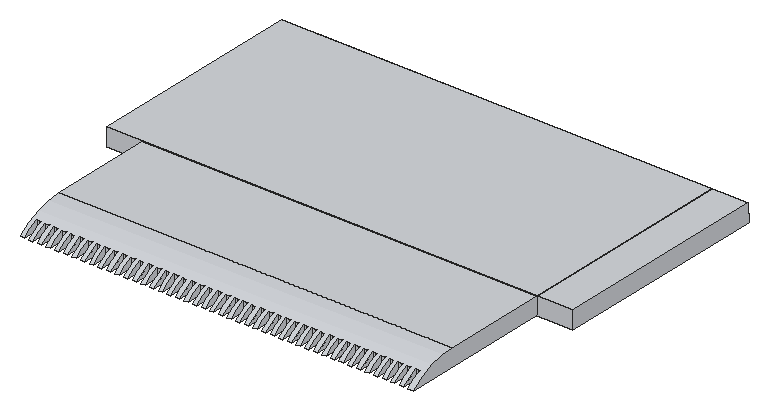
Revit family "Landing Plate", category Generic Models, Revit 2024
Family settings
  Can host rebar = No
  Round Connector Dimension = Use Diameter
  Part Type = Normal
  Work Plane-Based = No
  Always vertical = Yes
  Cut with Voids When Loaded = No
  Maintain Annotation Orientation = No
  Shared = No
  Room Calculation Point = No
Parameters
  Radius of Curvature = 519.477 mm
  Newel Width Right = Newel Width Left  # 250 mm
  Newel Width Left = 250 mm
  Material = "Stainless Steel"
  Landing Plate Width = 2700 mm
  Landing Plate Upper Length = 2220 mm
  Landing Plate Thickness = 120 mm
  Landing Depth = 2552.076 mm
  Extension beyond newel = 1500 mm
  Default Elevation = 0 mm
  Curved Length = Landing Depth - Landing Plate Upper Length  # 332.076 mm
  Comb Teeth Depth = 100 mm
  Comb Angle = asin(Curved Length / Radius of Curvature)  # 39.736°
Reference planes
  plane 1 "Center (Front/Back)": y = 0
  plane 2: z = 0
  plane 3 "Center (Left/Right)": x = 0
  plane 4: y = 2552.076
  plane 5: y = 332.076
  plane 6: x = 2700
  plane 7: through (4267.2, 0, 0) normal (0, -0.6293, 0.7771)
  plane 8: y = 100
  plane 9: y = 1052.076
  plane 10: x = -250
  plane 11: x = 2950
Forms (mm)
  Extrusion 1, solid
    sketch origin (0, 0, 0) x (0, 1, 0) y (0, 0, 1)
      loop
        line (0, 0) -> (2552.076, 0) -> (2552.076, 120) -> (332.076, 120)
        arc (332.076, 120) -> (155.53, 89.08) -> (0, 0) r 519.477
    from 0 to 2700
  Extrusion 2, void
    sketch origin (0, 0, 0) x (1, 0, 0) y (0, 0, 1)
      loop
        line (30, 120) -> (30, 0) -> (60, 0) -> (60, 120) -> (30, 120)
    from -100 to 0
  Extrusion 3, void
    sketch origin (2600, 0, 0) x (1, 0, 0) y (0, 0, 1)
      loop
        line (30, 120) -> (30, 0) -> (60, 0) -> (60, 120) -> (30, 120)
    from -100 to 0
  Extrusion 4, void
    sketch origin (59.091, 0, 0) x (1, 0, 0) y (0, 0, 1)
      loop
        line (30, 120) -> (30, 0) -> (60, 0) -> (60, 120) -> (30, 120)
    from -100 to 0
  Extrusion 5, void
    sketch origin (118.182, 0, 0) x (1, 0, 0) y (0, 0, 1)
      loop
        line (30, 120) -> (30, 0) -> (60, 0) -> (60, 120) -> (30, 120)
    from -100 to 0
  Extrusion 6, void
    sketch origin (177.273, 0, 0) x (1, 0, 0) y (0, 0, 1)
      loop
        line (30, 120) -> (30, 0) -> (60, 0) -> (60, 120) -> (30, 120)
    from -100 to 0
  Extrusion 7, void
    sketch origin (236.364, 0, 0) x (1, 0, 0) y (0, 0, 1)
      loop
        line (30, 120) -> (30, 0) -> (60, 0) -> (60, 120) -> (30, 120)
    from -100 to 0
  Extrusion 8, void
    sketch origin (295.455, 0, 0) x (1, 0, 0) y (0, 0, 1)
      loop
        line (30, 120) -> (30, 0) -> (60, 0) -> (60, 120) -> (30, 120)
    from -100 to 0
  Extrusion 9, void
    sketch origin (354.545, 0, 0) x (1, 0, 0) y (0, 0, 1)
      loop
        line (30, 120) -> (30, 0) -> (60, 0) -> (60, 120) -> (30, 120)
    from -100 to 0
  Extrusion 10, void
    sketch origin (413.636, 0, 0) x (1, 0, 0) y (0, 0, 1)
      loop
        line (30, 120) -> (30, 0) -> (60, 0) -> (60, 120) -> (30, 120)
    from -100 to 0
  Extrusion 11, void
    sketch origin (472.727, 0, 0) x (1, 0, 0) y (0, 0, 1)
      loop
        line (30, 120) -> (30, 0) -> (60, 0) -> (60, 120) -> (30, 120)
    from -100 to 0
  Extrusion 12, void
    sketch origin (531.818, 0, 0) x (1, 0, 0) y (0, 0, 1)
      loop
        line (30, 120) -> (30, 0) -> (60, 0) -> (60, 120) -> (30, 120)
    from -100 to 0
  Extrusion 13, void
    sketch origin (590.909, 0, 0) x (1, 0, 0) y (0, 0, 1)
      loop
        line (30, 120) -> (30, 0) -> (60, 0) -> (60, 120) -> (30, 120)
    from -100 to 0
  Extrusion 14, void
    sketch origin (650, 0, 0) x (1, 0, 0) y (0, 0, 1)
      loop
        line (30, 120) -> (30, 0) -> (60, 0) -> (60, 120) -> (30, 120)
    from -100 to 0
  Extrusion 15, void
    sketch origin (709.091, 0, 0) x (1, 0, 0) y (0, 0, 1)
      loop
        line (30, 120) -> (30, 0) -> (60, 0) -> (60, 120) -> (30, 120)
    from -100 to 0
  Extrusion 16, void
    sketch origin (768.182, 0, 0) x (1, 0, 0) y (0, 0, 1)
      loop
        line (30, 120) -> (30, 0) -> (60, 0) -> (60, 120) -> (30, 120)
    from -100 to 0
  Extrusion 17, void
    sketch origin (827.273, 0, 0) x (1, 0, 0) y (0, 0, 1)
      loop
        line (30, 120) -> (30, 0) -> (60, 0) -> (60, 120) -> (30, 120)
    from -100 to 0
  Extrusion 18, void
    sketch origin (886.364, 0, 0) x (1, 0, 0) y (0, 0, 1)
      loop
        line (30, 120) -> (30, 0) -> (60, 0) -> (60, 120) -> (30, 120)
    from -100 to 0
  Extrusion 19, void
    sketch origin (945.455, 0, 0) x (1, 0, 0) y (0, 0, 1)
      loop
        line (30, 120) -> (30, 0) -> (60, 0) -> (60, 120) -> (30, 120)
    from -100 to 0
  Extrusion 20, void
    sketch origin (1004.545, 0, 0) x (1, 0, 0) y (0, 0, 1)
      loop
        line (30, 120) -> (30, 0) -> (60, 0) -> (60, 120) -> (30, 120)
    from -100 to 0
  Extrusion 21, void
    sketch origin (1063.636, 0, 0) x (1, 0, 0) y (0, 0, 1)
      loop
        line (30, 120) -> (30, 0) -> (60, 0) -> (60, 120) -> (30, 120)
    from -100 to 0
  Extrusion 22, void
    sketch origin (1122.727, 0, 0) x (1, 0, 0) y (0, 0, 1)
      loop
        line (30, 120) -> (30, 0) -> (60, 0) -> (60, 120) -> (30, 120)
    from -100 to 0
  Extrusion 23, void
    sketch origin (1181.818, 0, 0) x (1, 0, 0) y (0, 0, 1)
      loop
        line (30, 120) -> (30, 0) -> (60, 0) -> (60, 120) -> (30, 120)
    from -100 to 0
  Extrusion 24, void
    sketch origin (1240.909, 0, 0) x (1, 0, 0) y (0, 0, 1)
      loop
        line (30, 120) -> (30, 0) -> (60, 0) -> (60, 120) -> (30, 120)
    from -100 to 0
  Extrusion 25, void
    sketch origin (1300, 0, 0) x (1, 0, 0) y (0, 0, 1)
      loop
        line (30, 120) -> (30, 0) -> (60, 0) -> (60, 120) -> (30, 120)
    from -100 to 0
  Extrusion 26, void
    sketch origin (1359.091, 0, 0) x (1, 0, 0) y (0, 0, 1)
      loop
        line (30, 120) -> (30, 0) -> (60, 0) -> (60, 120) -> (30, 120)
    from -100 to 0
  Extrusion 27, void
    sketch origin (1418.182, 0, 0) x (1, 0, 0) y (0, 0, 1)
      loop
        line (30, 120) -> (30, 0) -> (60, 0) -> (60, 120) -> (30, 120)
    from -100 to 0
  Extrusion 28, void
    sketch origin (1477.273, 0, 0) x (1, 0, 0) y (0, 0, 1)
      loop
        line (30, 120) -> (30, 0) -> (60, 0) -> (60, 120) -> (30, 120)
    from -100 to 0
  Extrusion 29, void
    sketch origin (1536.364, 0, 0) x (1, 0, 0) y (0, 0, 1)
      loop
        line (30, 120) -> (30, 0) -> (60, 0) -> (60, 120) -> (30, 120)
    from -100 to 0
  Extrusion 30, void
    sketch origin (1595.455, 0, 0) x (1, 0, 0) y (0, 0, 1)
      loop
        line (30, 120) -> (30, 0) -> (60, 0) -> (60, 120) -> (30, 120)
    from -100 to 0
  Extrusion 31, void
    sketch origin (1654.545, 0, 0) x (1, 0, 0) y (0, 0, 1)
      loop
        line (30, 120) -> (30, 0) -> (60, 0) -> (60, 120) -> (30, 120)
    from -100 to 0
  Extrusion 32, void
    sketch origin (1713.636, 0, 0) x (1, 0, 0) y (0, 0, 1)
      loop
        line (30, 120) -> (30, 0) -> (60, 0) -> (60, 120) -> (30, 120)
    from -100 to 0
  Extrusion 33, void
    sketch origin (1772.727, 0, 0) x (1, 0, 0) y (0, 0, 1)
      loop
        line (30, 120) -> (30, 0) -> (60, 0) -> (60, 120) -> (30, 120)
    from -100 to 0
  Extrusion 34, void
    sketch origin (1831.818, 0, 0) x (1, 0, 0) y (0, 0, 1)
      loop
        line (30, 120) -> (30, 0) -> (60, 0) -> (60, 120) -> (30, 120)
    from -100 to 0
  Extrusion 35, void
    sketch origin (1890.909, 0, 0) x (1, 0, 0) y (0, 0, 1)
      loop
        line (30, 120) -> (30, 0) -> (60, 0) -> (60, 120) -> (30, 120)
    from -100 to 0
  Extrusion 36, void
    sketch origin (1950, 0, 0) x (1, 0, 0) y (0, 0, 1)
      loop
        line (30, 120) -> (30, 0) -> (60, 0) -> (60, 120) -> (30, 120)
    from -100 to 0
  Extrusion 37, void
    sketch origin (2009.091, 0, 0) x (1, 0, 0) y (0, 0, 1)
      loop
        line (30, 120) -> (30, 0) -> (60, 0) -> (60, 120) -> (30, 120)
    from -100 to 0
  Extrusion 38, void
    sketch origin (2068.182, 0, 0) x (1, 0, 0) y (0, 0, 1)
      loop
        line (30, 120) -> (30, 0) -> (60, 0) -> (60, 120) -> (30, 120)
    from -100 to 0
  Extrusion 39, void
    sketch origin (2127.273, 0, 0) x (1, 0, 0) y (0, 0, 1)
      loop
        line (30, 120) -> (30, 0) -> (60, 0) -> (60, 120) -> (30, 120)
    from -100 to 0
  Extrusion 40, void
    sketch origin (2186.364, 0, 0) x (1, 0, 0) y (0, 0, 1)
      loop
        line (30, 120) -> (30, 0) -> (60, 0) -> (60, 120) -> (30, 120)
    from -100 to 0
  Extrusion 41, void
    sketch origin (2245.455, 0, 0) x (1, 0, 0) y (0, 0, 1)
      loop
        line (30, 120) -> (30, 0) -> (60, 0) -> (60, 120) -> (30, 120)
    from -100 to 0
  Extrusion 42, void
    sketch origin (2304.545, 0, 0) x (1, 0, 0) y (0, 0, 1)
      loop
        line (30, 120) -> (30, 0) -> (60, 0) -> (60, 120) -> (30, 120)
    from -100 to 0
  Extrusion 43, void
    sketch origin (2363.636, 0, 0) x (1, 0, 0) y (0, 0, 1)
      loop
        line (30, 120) -> (30, 0) -> (60, 0) -> (60, 120) -> (30, 120)
    from -100 to 0
  Extrusion 44, void
    sketch origin (2422.727, 0, 0) x (1, 0, 0) y (0, 0, 1)
      loop
        line (30, 120) -> (30, 0) -> (60, 0) -> (60, 120) -> (30, 120)
    from -100 to 0
  Extrusion 45, void
    sketch origin (2481.818, 0, 0) x (1, 0, 0) y (0, 0, 1)
      loop
        line (30, 120) -> (30, 0) -> (60, 0) -> (60, 120) -> (30, 120)
    from -100 to 0
  Extrusion 46, void
    sketch origin (2540.909, 0, 0) x (1, 0, 0) y (0, 0, 1)
      loop
        line (30, 120) -> (30, 0) -> (60, 0) -> (60, 120) -> (30, 120)
    from -100 to 0
  Extrusion 47, solid
    sketch origin (0, 0, 0) x (0, 1, 0) y (0, 0, 1)
      loop
        line (2552.076, 120) -> (1052.076, 120) -> (1052.076, 0) -> (2552.076, 0) -> (2552.076, 120)
    from 2950 to -250
Cuts and joins
  Extrusion 2, Extrusion 3, Extrusion 4, Extrusion 5, Extrusion 6, Extrusion 7, Extrusion 8, Extrusion 9, Extrusion 10, Extrusion 11, Extrusion 12, Extrusion 13, Extrusion 14, Extrusion 15, Extrusion 16, Extrusion 17, Extrusion 18, Extrusion 19, Extrusion 20, Extrusion 21, Extrusion 22, Extrusion 23, Extrusion 24, Extrusion 25, Extrusion 26, Extrusion 27, Extrusion 28, Extrusion 29, Extrusion 30, Extrusion 31, Extrusion 32, Extrusion 33, Extrusion 34, Extrusion 35, Extrusion 36, Extrusion 37, Extrusion 38, Extrusion 39, Extrusion 40, Extrusion 41, Extrusion 42, Extrusion 43, Extrusion 44, Extrusion 45, Extrusion 46 cuts Extrusion 1
Dimensions and locks
  "Landing Depth": Extrusion 1 sketch curve to Extrusion 1 sketch curve
  "Landing Plate Thickness": Extrusion 1 sketch curve to Extrusion 1 sketch curve
  "Landing Plate Width": plane 6 to plane 3 "Center (Left/Right)"
  "Landing Plate Upper Length": plane 5 to plane 4
  "Curved Length": plane 1 "Center (Front/Back)" to plane 5
  "Comb Teeth Depth": plane 1 "Center (Front/Back)" to plane 8
  Extrusion 2 sketch curve to Extrusion 2 sketch curve = 30 mm
  Extrusion 2 to Extrusion 2 = 30 mm
  Extrusion 3 sketch curve to Extrusion 3 sketch curve = 30 mm
  equal spacing: group 1, group 3, group 4, group 5, group 6, group 7, group 8, group 9, group 10, group 11, group 12, group 13, group 14, group 15, group 16, group 17, group 18, group 19, group 20, group 21, group 22, group 23, group 24, group 25, group 26, group 27, group 28, group 29, group 30, group 31, group 32, group 33, group 34, group 35, group 36, group 37, group 38, group 39, group 40, group 41, group 42, group 43, group 44, group 45, group 2  (x3)
  Extrusion 4 sketch curve to Extrusion 4 sketch curve = 30 mm
  Extrusion 5 sketch curve to Extrusion 5 sketch curve = 30 mm
  Extrusion 6 sketch curve to Extrusion 6 sketch curve = 30 mm
  Extrusion 7 sketch curve to Extrusion 7 sketch curve = 30 mm
  Extrusion 8 sketch curve to Extrusion 8 sketch curve = 30 mm
  Extrusion 9 sketch curve to Extrusion 9 sketch curve = 30 mm
  Extrusion 10 sketch curve to Extrusion 10 sketch curve = 30 mm
  Extrusion 11 sketch curve to Extrusion 11 sketch curve = 30 mm
  Extrusion 12 sketch curve to Extrusion 12 sketch curve = 30 mm
  Extrusion 13 sketch curve to Extrusion 13 sketch curve = 30 mm
  Extrusion 14 sketch curve to Extrusion 14 sketch curve = 30 mm
  Extrusion 15 sketch curve to Extrusion 15 sketch curve = 30 mm
  Extrusion 16 sketch curve to Extrusion 16 sketch curve = 30 mm
  Extrusion 17 sketch curve to Extrusion 17 sketch curve = 30 mm
  Extrusion 18 sketch curve to Extrusion 18 sketch curve = 30 mm
  Extrusion 19 sketch curve to Extrusion 19 sketch curve = 30 mm
  Extrusion 20 sketch curve to Extrusion 20 sketch curve = 30 mm
  Extrusion 21 sketch curve to Extrusion 21 sketch curve = 30 mm
  Extrusion 22 sketch curve to Extrusion 22 sketch curve = 30 mm
  Extrusion 23 sketch curve to Extrusion 23 sketch curve = 30 mm
  Extrusion 24 sketch curve to Extrusion 24 sketch curve = 30 mm
  Extrusion 25 sketch curve to Extrusion 25 sketch curve = 30 mm
  Extrusion 26 sketch curve to Extrusion 26 sketch curve = 30 mm
  Extrusion 27 sketch curve to Extrusion 27 sketch curve = 30 mm
  Extrusion 28 sketch curve to Extrusion 28 sketch curve = 30 mm
  Extrusion 29 sketch curve to Extrusion 29 sketch curve = 30 mm
  Extrusion 30 sketch curve to Extrusion 30 sketch curve = 30 mm
  Extrusion 31 sketch curve to Extrusion 31 sketch curve = 30 mm
  Extrusion 32 sketch curve to Extrusion 32 sketch curve = 30 mm
  Extrusion 33 sketch curve to Extrusion 33 sketch curve = 30 mm
  Extrusion 34 sketch curve to Extrusion 34 sketch curve = 30 mm
  Extrusion 35 sketch curve to Extrusion 35 sketch curve = 30 mm
  Extrusion 36 sketch curve to Extrusion 36 sketch curve = 30 mm
  Extrusion 37 sketch curve to Extrusion 37 sketch curve = 30 mm
  Extrusion 38 sketch curve to Extrusion 38 sketch curve = 30 mm
  Extrusion 39 sketch curve to Extrusion 39 sketch curve = 30 mm
  Extrusion 40 sketch curve to Extrusion 40 sketch curve = 30 mm
  Extrusion 41 sketch curve to Extrusion 41 sketch curve = 30 mm
  Extrusion 42 sketch curve to Extrusion 42 sketch curve = 30 mm
  Extrusion 43 sketch curve to Extrusion 43 sketch curve = 30 mm
  Extrusion 44 sketch curve to Extrusion 44 sketch curve = 30 mm
  Extrusion 45 sketch curve to Extrusion 45 sketch curve = 30 mm
  Extrusion 46 sketch curve to Extrusion 46 sketch curve = 30 mm
  "Extension beyond newel": plane 9 to plane 4
  "Newel Width Left": plane 3 "Center (Left/Right)" to plane 10
  "Newel Width Right": plane 11 to plane 6
  "Radius of Curvature": radius of Extrusion 1 sketch curve
  aligned and locked: level to plane 2
  aligned and locked: plane 4 to Extrusion 1 sketch curve
  aligned and locked: plane 5 to Extrusion 1 sketch curve
  aligned and locked: plane 6 to Extrusion 1
  aligned and locked: plane 1 "Center (Front/Back)" to Extrusion 2
  aligned and locked: plane 8 to Extrusion 2
  aligned and locked: plane 9 to Extrusion 47 sketch curve
  aligned and locked: plane 10 to Extrusion 47
  aligned and locked: plane 11 to Extrusion 47
Automatic sketch dimensions
  Extrusion 2 sketch curve to Extrusion 2 sketch curve = 120 mm
  Extrusion 3 sketch curve to Extrusion 3 sketch curve = 120 mm
  Extrusion 4 sketch curve to Extrusion 4 sketch curve = 120 mm
  Extrusion 5 sketch curve to Extrusion 5 sketch curve = 120 mm
  Extrusion 6 sketch curve to Extrusion 6 sketch curve = 120 mm
  Extrusion 7 sketch curve to Extrusion 7 sketch curve = 120 mm
  Extrusion 8 sketch curve to Extrusion 8 sketch curve = 120 mm
  Extrusion 9 sketch curve to Extrusion 9 sketch curve = 120 mm
  Extrusion 10 sketch curve to Extrusion 10 sketch curve = 120 mm
  Extrusion 11 sketch curve to Extrusion 11 sketch curve = 120 mm
  Extrusion 12 sketch curve to Extrusion 12 sketch curve = 120 mm
  Extrusion 13 sketch curve to Extrusion 13 sketch curve = 120 mm
  Extrusion 14 sketch curve to Extrusion 14 sketch curve = 120 mm
  Extrusion 15 sketch curve to Extrusion 15 sketch curve = 120 mm
  Extrusion 16 sketch curve to Extrusion 16 sketch curve = 120 mm
  Extrusion 17 sketch curve to Extrusion 17 sketch curve = 120 mm
  Extrusion 18 sketch curve to Extrusion 18 sketch curve = 120 mm
  Extrusion 19 sketch curve to Extrusion 19 sketch curve = 120 mm
  Extrusion 20 sketch curve to Extrusion 20 sketch curve = 120 mm
  Extrusion 21 sketch curve to Extrusion 21 sketch curve = 120 mm
  Extrusion 22 sketch curve to Extrusion 22 sketch curve = 120 mm
  Extrusion 23 sketch curve to Extrusion 23 sketch curve = 120 mm
  Extrusion 24 sketch curve to Extrusion 24 sketch curve = 120 mm
  Extrusion 25 sketch curve to Extrusion 25 sketch curve = 120 mm
  Extrusion 26 sketch curve to Extrusion 26 sketch curve = 120 mm
  Extrusion 27 sketch curve to Extrusion 27 sketch curve = 120 mm
  Extrusion 28 sketch curve to Extrusion 28 sketch curve = 120 mm
  Extrusion 29 sketch curve to Extrusion 29 sketch curve = 120 mm
  Extrusion 30 sketch curve to Extrusion 30 sketch curve = 120 mm
  Extrusion 31 sketch curve to Extrusion 31 sketch curve = 120 mm
  Extrusion 32 sketch curve to Extrusion 32 sketch curve = 120 mm
  Extrusion 33 sketch curve to Extrusion 33 sketch curve = 120 mm
  Extrusion 34 sketch curve to Extrusion 34 sketch curve = 120 mm
  Extrusion 35 sketch curve to Extrusion 35 sketch curve = 120 mm
  Extrusion 36 sketch curve to Extrusion 36 sketch curve = 120 mm
  Extrusion 37 sketch curve to Extrusion 37 sketch curve = 120 mm
  Extrusion 38 sketch curve to Extrusion 38 sketch curve = 120 mm
  Extrusion 39 sketch curve to Extrusion 39 sketch curve = 120 mm
  Extrusion 40 sketch curve to Extrusion 40 sketch curve = 120 mm
  Extrusion 41 sketch curve to Extrusion 41 sketch curve = 120 mm
  Extrusion 42 sketch curve to Extrusion 42 sketch curve = 120 mm
  Extrusion 43 sketch curve to Extrusion 43 sketch curve = 120 mm
  Extrusion 44 sketch curve to Extrusion 44 sketch curve = 120 mm
  Extrusion 45 sketch curve to Extrusion 45 sketch curve = 120 mm
  Extrusion 46 sketch curve to Extrusion 46 sketch curve = 120 mm
  level to Extrusion 1 sketch curve = 0 mm
  level to Extrusion 47 sketch curve = 0 mm
  Extrusion 47 sketch curve to plane 4 = 0 mm
  Extrusion 47 sketch curve to Extrusion 47 sketch curve = 120 mm
